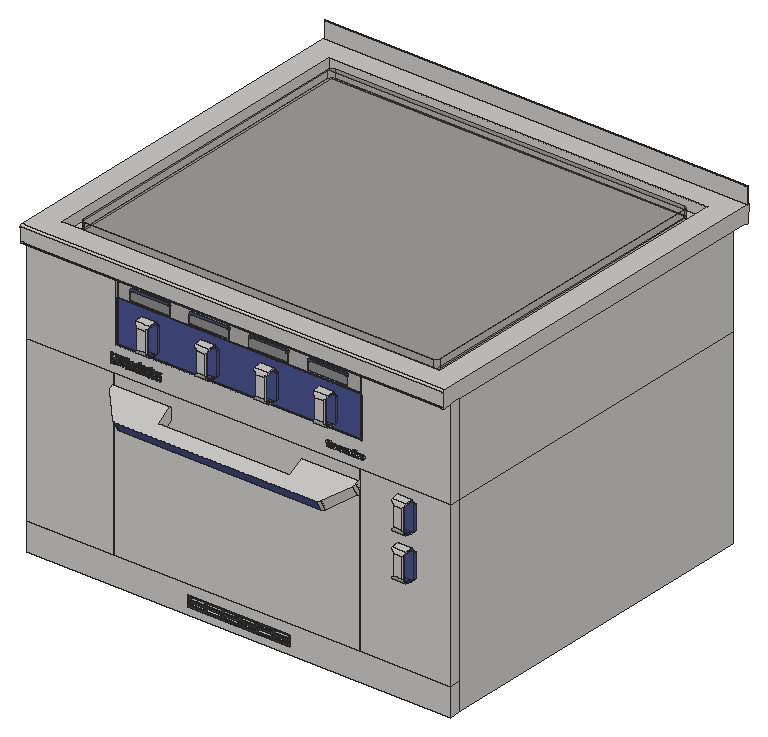
Revit family "QF_ELECTROLUXPROFESSIONAL_589666_MCIMEBJ8AO", category Attrezzature speciali, Revit 2020 (continued)
Definition of nested family "Front_Panel_W1000_4 Knobs"
  Definition of nested family "ELX_Professional_Logo_Small"
    Forms (mm)
      Extrusion 2, solid, material <- "Material_Logo"
        sketch origin (15.5, 0, 0) x (1, 0, 0) y (0, 1, 0)
          loop
            spline (-32.6, 1.606) -> (-32.553, 0.805) -> (-32.416, 0.057) -> (-32.193, -0.637) -> (-31.887, -1.271) -> (-31.504, -1.843) -> (-31.048, -2.35) -> (-30.523, -2.788) -> (-29.934, -3.154) -> (-29.284, -3.444) -> (-28.579, -3.656) -> (-27.822, -3.785) -> (-27.019, -3.829)
            spline (-27.019, -3.829) -> (-26.627, -3.82) -> (-26.239, -3.79) -> (-25.856, -3.739) -> (-25.477, -3.663) -> (-25.103, -3.562) -> (-24.734, -3.432) -> (-24.369, -3.273) -> (-24.01, -3.082) -> (-23.655, -2.858) -> (-23.305, -2.597) -> (-22.96, -2.299) -> (-22.621, -1.962)
            line (-22.621, -1.962) -> (-24.114, -0.509)
            spline (-24.114, -0.509) -> (-24.311, -0.699) -> (-24.509, -0.872) -> (-24.71, -1.03) -> (-24.915, -1.172) -> (-25.126, -1.297) -> (-25.346, -1.407) -> (-25.576, -1.5) -> (-25.817, -1.576) -> (-26.072, -1.636) -> (-26.342, -1.678) -> (-26.629, -1.704) -> (-26.936, -1.713)
            spline (-26.936, -1.713) -> (-27.384, -1.691) -> (-27.805, -1.625) -> (-28.196, -1.518) -> (-28.556, -1.372) -> (-28.882, -1.187) -> (-29.174, -0.966) -> (-29.429, -0.71) -> (-29.645, -0.422) -> (-29.821, -0.102) -> (-29.955, 0.247) -> (-30.045, 0.623) -> (-30.089, 1.026)
            line (-30.089, 1.026) -> (-21.956, 1.026) -> (-21.915, 1.897)
          loop
            spline (-24.446, 2.769) -> (-24.47, 3.075) -> (-24.54, 3.37) -> (-24.654, 3.65) -> (-24.807, 3.913) -> (-24.996, 4.156) -> (-25.219, 4.376) -> (-25.472, 4.57) -> (-25.753, 4.736) -> (-26.057, 4.869) -> (-26.382, 4.968) -> (-26.724, 5.03) -> (-27.081, 5.051)
            spline (-27.081, 5.051) -> (-27.464, 5.03) -> (-27.832, 4.97) -> (-28.183, 4.872) -> (-28.513, 4.74) -> (-28.819, 4.577) -> (-29.099, 4.384) -> (-29.347, 4.165) -> (-29.563, 3.923) -> (-29.742, 3.659) -> (-29.881, 3.377) -> (-29.977, 3.079) -> (-30.027, 2.769)
            line (-30.027, 2.769) -> (-24.446, 2.769)
          loop
            spline (-18.167, 1.669) -> (-18.138, 2.13) -> (-18.055, 2.567) -> (-17.921, 2.978) -> (-17.739, 3.358) -> (-17.512, 3.705) -> (-17.243, 4.016) -> (-16.937, 4.287) -> (-16.596, 4.517) -> (-16.223, 4.7) -> (-15.823, 4.835) -> (-15.398, 4.919) -> (-14.951, 4.947)
            spline (-14.951, 4.947) -> (-14.677, 4.938) -> (-14.414, 4.913) -> (-14.162, 4.871) -> (-13.921, 4.812) -> (-13.69, 4.738) -> (-13.467, 4.649) -> (-13.254, 4.544) -> (-13.048, 4.424) -> (-12.85, 4.291) -> (-12.659, 4.143) -> (-12.474, 3.981) -> (-12.295, 3.806)
            line (-12.295, 3.806) -> (-10.76, 5.403)
            spline (-10.76, 5.403) -> (-11.065, 5.709) -> (-11.38, 5.984) -> (-11.703, 6.228) -> (-12.035, 6.443) -> (-12.375, 6.63) -> (-12.723, 6.788) -> (-13.078, 6.92) -> (-13.44, 7.026) -> (-13.809, 7.107) -> (-14.184, 7.164) -> (-14.564, 7.198) -> (-14.951, 7.209)
            spline (-14.951, 7.209) -> (-15.725, 7.161) -> (-16.467, 7.02) -> (-17.169, 6.792) -> (-17.826, 6.482) -> (-18.43, 6.096) -> (-18.976, 5.637) -> (-19.455, 5.112) -> (-19.862, 4.525) -> (-20.19, 3.882) -> (-20.433, 3.189) -> (-20.584, 2.449) -> (-20.635, 1.669)
            spline (-20.635, 1.669) -> (-20.584, 0.889) -> (-20.433, 0.149) -> (-20.19, -0.545) -> (-19.862, -1.187) -> (-19.455, -1.774) -> (-18.976, -2.299) -> (-18.43, -2.758) -> (-17.826, -3.145) -> (-17.169, -3.454) -> (-16.467, -3.682) -> (-15.725, -3.823) -> (-14.951, -3.871)
            spline (-14.951, -3.871) -> (-14.564, -3.86) -> (-14.184, -3.826) -> (-13.809, -3.77) -> (-13.44, -3.689) -> (-13.078, -3.583) -> (-12.723, -3.451) -> (-12.375, -3.292) -> (-12.035, -3.105) -> (-11.703, -2.89) -> (-11.38, -2.646) -> (-11.065, -2.371) -> (-10.76, -2.066)
            line (-10.76, -2.066) -> (-12.295, -0.468)
            spline (-12.295, -0.468) -> (-12.474, -0.643) -> (-12.659, -0.805) -> (-12.85, -0.953) -> (-13.048, -1.087) -> (-13.254, -1.206) -> (-13.467, -1.311) -> (-13.69, -1.4) -> (-13.921, -1.475) -> (-14.162, -1.533) -> (-14.414, -1.575) -> (-14.677, -1.6) -> (-14.951, -1.609)
            spline (-14.951, -1.609) -> (-15.398, -1.581) -> (-15.823, -1.497) -> (-16.223, -1.362) -> (-16.596, -1.179) -> (-16.937, -0.95) -> (-17.243, -0.678) -> (-17.512, -0.367) -> (-17.739, -0.02) -> (-17.921, 0.36) -> (-18.055, 0.771) -> (-18.138, 1.208) -> (-18.167, 1.669)
          loop
            spline (-4.441, -1.243) -> (-4.659, -1.247) -> (-4.894, -1.23) -> (-5.137, -1.19) -> (-5.384, -1.121) -> (-5.628, -1.021) -> (-5.864, -0.884) -> (-6.084, -0.708) -> (-6.283, -0.488) -> (-6.454, -0.219) -> (-6.592, 0.101) -> (-6.69, 0.478) -> (-6.742, 0.914)
            line (-6.742, 0.914) -> (-6.742, 4.587) -> (-4.487, 4.587) -> (-4.487, 6.838) -> (-6.738, 6.838) -> (-6.738, 10.824) -> (-9.217, 10.824) -> (-9.217, 0.773)
            spline (-9.217, 0.773) -> (-9.164, 0.19) -> (-9.068, -0.358) -> (-8.928, -0.87) -> (-8.742, -1.343) -> (-8.511, -1.777) -> (-8.232, -2.168) -> (-7.904, -2.515) -> (-7.527, -2.816) -> (-7.098, -3.069) -> (-6.618, -3.273) -> (-6.084, -3.426) -> (-5.496, -3.525)
            line (-5.496, -3.525) -> (-4.45, -3.573) -> (-4.441, -1.243)
          loop
            spline (3.898, 6.983) -> (3.469, 7.009) -> (3.056, 7.001) -> (2.661, 6.961) -> (2.283, 6.888) -> (1.925, 6.785) -> (1.588, 6.652) -> (1.272, 6.49) -> (0.979, 6.301) -> (0.71, 6.085) -> (0.465, 5.844) -> (0.247, 5.578) -> (0.056, 5.289)
            line (0.056, 5.289) -> (0.056, 6.838) -> (-2.402, 6.838) -> (-2.402, -3.572) -> (0.056, -3.572) -> (0.056, 1.901)
            spline (0.056, 1.901) -> (0.079, 2.316) -> (0.145, 2.703) -> (0.254, 3.06) -> (0.404, 3.386) -> (0.592, 3.679) -> (0.818, 3.938) -> (1.08, 4.162) -> (1.375, 4.348) -> (1.703, 4.495) -> (2.062, 4.602) -> (2.45, 4.668) -> (2.865, 4.69)
            line (2.865, 4.69) -> (3.898, 4.586) -> (3.898, 6.983)
          loop
            spline (15.638, 1.633) -> (15.586, 2.396) -> (15.435, 3.124) -> (15.192, 3.81) -> (14.863, 4.449) -> (14.455, 5.034) -> (13.975, 5.56) -> (13.43, 6.021) -> (12.826, 6.411) -> (12.17, 6.724) -> (11.469, 6.955) -> (10.729, 7.098) -> (9.958, 7.147)
            spline (9.958, 7.147) -> (9.182, 7.098) -> (8.44, 6.955) -> (7.737, 6.724) -> (7.081, 6.411) -> (6.477, 6.021) -> (5.933, 5.56) -> (5.454, 5.034) -> (5.048, 4.449) -> (4.721, 3.81) -> (4.479, 3.124) -> (4.329, 2.396) -> (4.277, 1.633)
            spline (4.277, 1.633) -> (4.329, 0.869) -> (4.479, 0.141) -> (4.721, -0.544) -> (5.048, -1.183) -> (5.454, -1.768) -> (5.933, -2.294) -> (6.477, -2.755) -> (7.081, -3.145) -> (7.737, -3.459) -> (8.44, -3.69) -> (9.182, -3.833) -> (9.958, -3.882)
            spline (9.958, -3.882) -> (10.729, -3.833) -> (11.469, -3.69) -> (12.17, -3.459) -> (12.826, -3.145) -> (13.43, -2.755) -> (13.975, -2.294) -> (14.455, -1.768) -> (14.863, -1.183) -> (15.192, -0.544) -> (15.435, 0.141) -> (15.586, 0.869) -> (15.638, 1.633)
          loop
            spline (13.18, 1.633) -> (13.151, 2.083) -> (13.067, 2.513) -> (12.932, 2.918) -> (12.748, 3.296) -> (12.52, 3.642) -> (12.251, 3.954) -> (11.943, 4.227) -> (11.601, 4.459) -> (11.228, 4.645) -> (10.828, 4.782) -> (10.403, 4.867) -> (9.958, 4.896)
            spline (9.958, 4.896) -> (9.509, 4.867) -> (9.081, 4.782) -> (8.679, 4.645) -> (8.306, 4.459) -> (7.964, 4.227) -> (7.658, 3.954) -> (7.39, 3.642) -> (7.163, 3.296) -> (6.981, 2.918) -> (6.847, 2.513) -> (6.765, 2.083) -> (6.736, 1.633)
            spline (6.736, 1.633) -> (6.765, 1.182) -> (6.847, 0.753) -> (6.981, 0.347) -> (7.163, -0.031) -> (7.39, -0.377) -> (7.658, -0.689) -> (7.964, -0.962) -> (8.306, -1.193) -> (8.679, -1.38) -> (9.081, -1.517) -> (9.509, -1.602) -> (9.958, -1.631)
            spline (9.958, -1.631) -> (10.403, -1.602) -> (10.828, -1.517) -> (11.228, -1.38) -> (11.601, -1.193) -> (11.943, -0.962) -> (12.251, -0.689) -> (12.52, -0.377) -> (12.748, -0.031) -> (12.932, 0.347) -> (13.067, 0.753) -> (13.151, 1.182) -> (13.18, 1.633)
          loop
            line (17.162, 4.269) -> (17.162, -3.573) -> (19.642, -3.573) -> (19.642, 10.824) -> (17.162, 10.824) -> (17.162, 4.269)
          loop
            line (28.581, 6.838) -> (28.581, 0.786)
            spline (28.581, 0.786) -> (28.561, 0.393) -> (28.503, 0.038) -> (28.409, -0.279) -> (28.281, -0.559) -> (28.122, -0.802) -> (27.933, -1.011) -> (27.717, -1.185) -> (27.476, -1.325) -> (27.213, -1.433) -> (26.929, -1.509) -> (26.626, -1.554) -> (26.308, -1.569)
            spline (26.308, -1.569) -> (25.99, -1.554) -> (25.688, -1.509) -> (25.404, -1.434) -> (25.141, -1.326) -> (24.9, -1.187) -> (24.684, -1.014) -> (24.496, -0.807) -> (24.336, -0.565) -> (24.209, -0.288) -> (24.115, 0.026) -> (24.057, 0.376) -> (24.037, 0.765)
            line (24.037, 0.765) -> (24.037, 6.838) -> (21.537, 6.838) -> (21.537, 0.558)
            spline (21.537, 0.558) -> (21.581, -0.153) -> (21.71, -0.8) -> (21.916, -1.384) -> (22.195, -1.904) -> (22.54, -2.362) -> (22.944, -2.757) -> (23.403, -3.09) -> (23.909, -3.362) -> (24.456, -3.572) -> (25.04, -3.722) -> (25.652, -3.811) -> (26.288, -3.841)
            spline (26.288, -3.841) -> (26.929, -3.811) -> (27.547, -3.72) -> (28.135, -3.568) -> (28.687, -3.355) -> (29.197, -3.079) -> (29.66, -2.741) -> (30.068, -2.341) -> (30.415, -1.877) -> (30.696, -1.349) -> (30.905, -0.757) -> (31.034, -0.101) -> (31.079, 0.621)
            line (31.079, 0.621) -> (31.079, 6.838) -> (28.581, 6.838)
          loop
            line (40.457, -0.243) -> (38.894, 1.942) -> (40.83, 4.579) -> (42.488, 6.837) -> (39.782, 6.837) -> (37.53, 3.719) -> (35.258, 6.837) -> (32.573, 6.837) -> (34.113, 4.731) -> (36.167, 1.922) -> (34.014, -1.076) -> (32.222, -3.573) -> (34.887, -3.573) -> (37.53, 0.104) -> (40.174, -3.573) -> (42.839, -3.573) -> (40.457, -0.243)
          loop
            line (-46.121, -5.837) -> (-48.039, -5.837) -> (-48.039, -10.814) -> (-47.016, -10.814) -> (-47.016, -9.128) -> (-46.121, -9.128)
            arc (-46.121, -9.128) -> (-44.476, -7.482) -> (-46.121, -5.837) r 1.645
          loop
            line (-46.163, -6.778) -> (-47.016, -6.778) -> (-47.016, -8.187) -> (-46.163, -8.187)
            arc (-46.163, -8.187) -> (-45.458, -7.482) -> (-46.163, -6.778) r 0.704
          loop
            line (-38.313, -5.837) -> (-40.265, -5.837) -> (-40.265, -10.814) -> (-39.241, -10.814) -> (-39.241, -9.1) -> (-38.46, -9.182) -> (-37.48, -10.814) -> (-36.318, -10.814) -> (-37.513, -8.848)
            arc (-37.513, -8.848) -> (-36.888, -8.266) -> (-36.671, -7.441) r 1.536
            arc (-36.671, -7.441) -> (-37.165, -6.305) -> (-38.313, -5.837) r 1.643
          loop
            arc (-38.402, -8.166) -> (-37.707, -7.505) -> (-38.334, -6.778) r 0.696
            line (-38.334, -6.778) -> (-39.241, -6.778) -> (-39.241, -8.166) -> (-38.402, -8.166)
          loop
            circle (-29.965, -8.325) r 2.585
          loop
            circle (-29.965, -8.325) r 1.64
          loop
            line (-23.1, -5.837) -> (-23.1, -10.814) -> (-22.076, -10.814) -> (-22.076, -8.768) -> (-20.204, -8.768) -> (-20.204, -7.828) -> (-22.076, -7.828) -> (-22.076, -6.778) -> (-20.024, -6.778) -> (-20.024, -5.837) -> (-23.1, -5.837)
          loop
            line (-15.802, -5.837) -> (-15.802, -9.2)
            arc (-15.802, -9.2) -> (-15.343, -10.34) -> (-14.209, -10.814) r 1.593
            line (-14.209, -10.814) -> (-12.602, -10.814) -> (-12.602, -10.027) -> (-14.004, -10.027)
            arc (-14.004, -10.027) -> (-14.552, -9.8) -> (-14.779, -9.252) r 0.775
            line (-14.779, -9.252) -> (-14.779, -8.424) -> (-12.789, -8.424) -> (-12.789, -7.642) -> (-14.779, -7.642) -> (-14.779, -6.778) -> (-12.651, -6.778) -> (-12.651, -5.837) -> (-15.802, -5.837)
          loop
            line (-5.909, -7.143) -> (-5.173, -6.638)
            arc (-5.173, -6.638) -> (-5.855, -5.974) -> (-6.781, -5.755) r 1.782
            arc (-6.781, -5.755) -> (-7.397, -5.878) -> (-7.944, -6.189) r 1.974
            arc (-7.944, -6.189) -> (-8.202, -6.5) -> (-8.317, -6.888) r 1.013
            arc (-8.317, -6.888) -> (-8.306, -7.341) -> (-8.192, -7.78) r 1.985
            arc (-8.192, -7.78) -> (-7.749, -8.259) -> (-7.171, -8.563) r 1.928
            arc (-7.171, -8.563) -> (-6.637, -8.779) -> (-6.131, -9.056) r 5.041
            arc (-6.131, -9.056) -> (-5.934, -9.387) -> (-6.09, -9.74) r 0.42
            arc (-6.09, -9.74) -> (-6.631, -9.96) -> (-7.204, -9.845) r 1.016
            arc (-7.204, -9.845) -> (-7.625, -9.603) -> (-7.889, -9.196) r 1.033
            line (-7.889, -9.196) -> (-8.67, -9.686)
            arc (-8.67, -9.686) -> (-8.361, -10.198) -> (-7.908, -10.589) r 1.914
            arc (-7.908, -10.589) -> (-7.334, -10.834) -> (-6.714, -10.896) r 2.063
            arc (-6.714, -10.896) -> (-5.947, -10.743) -> (-5.256, -10.376) r 2.696
            arc (-5.256, -10.376) -> (-4.95, -9.565) -> (-5.108, -8.712) r 1.618
            arc (-5.108, -8.712) -> (-5.448, -8.319) -> (-5.884, -8.035) r 1.876
            arc (-5.884, -8.035) -> (-6.434, -7.789) -> (-6.999, -7.577) r 9.883
            arc (-6.999, -7.577) -> (-7.325, -7.07) -> (-6.854, -6.694) r 0.45
            arc (-6.854, -6.694) -> (-6.329, -6.809) -> (-5.909, -7.143) r 1.197
          loop
            line (1.61, -7.143) -> (2.345, -6.638)
            arc (2.345, -6.638) -> (1.663, -5.974) -> (0.737, -5.755) r 1.782
            arc (0.737, -5.755) -> (0.121, -5.878) -> (-0.425, -6.189) r 1.974
            arc (-0.425, -6.189) -> (-0.683, -6.5) -> (-0.799, -6.888) r 1.013
            arc (-0.799, -6.888) -> (-0.788, -7.341) -> (-0.674, -7.78) r 1.985
            arc (-0.674, -7.78) -> (-0.231, -8.259) -> (0.347, -8.563) r 1.928
            arc (0.347, -8.563) -> (0.881, -8.779) -> (1.387, -9.056) r 5.041
            arc (1.387, -9.056) -> (1.584, -9.387) -> (1.428, -9.74) r 0.42
            arc (1.428, -9.74) -> (0.887, -9.96) -> (0.314, -9.845) r 1.016
            arc (0.314, -9.845) -> (-0.107, -9.603) -> (-0.371, -9.196) r 1.033
            line (-0.371, -9.196) -> (-1.152, -9.686)
            arc (-1.152, -9.686) -> (-0.842, -10.198) -> (-0.39, -10.589) r 1.914
            arc (-0.39, -10.589) -> (0.184, -10.834) -> (0.804, -10.896) r 2.063
            arc (0.804, -10.896) -> (1.572, -10.743) -> (2.263, -10.376) r 2.696
            arc (2.263, -10.376) -> (2.568, -9.565) -> (2.411, -8.712) r 1.618
            arc (2.411, -8.712) -> (2.07, -8.319) -> (1.635, -8.035) r 1.876
            arc (1.635, -8.035) -> (1.084, -7.789) -> (0.519, -7.577) r 9.883
            arc (0.519, -7.577) -> (0.193, -7.07) -> (0.665, -6.694) r 0.45
            arc (0.665, -6.694) -> (1.189, -6.809) -> (1.61, -7.143) r 1.197
          loop
            line (6.801, -5.837) -> (6.801, -10.814) -> (7.825, -10.814) -> (7.825, -5.837) -> (6.801, -5.837)
          loop
            circle (14.724, -8.325) r 1.548
          loop
            circle (14.724, -8.325) r 2.585
          loop
            line (21.59, -10.814) -> (22.623, -10.814) -> (22.623, -7.685) -> (24.9, -10.814) -> (25.895, -10.814) -> (25.895, -5.837) -> (24.861, -5.837) -> (24.861, -9.061) -> (22.585, -5.837) -> (21.59, -5.837) -> (21.59, -10.814)
          loop
            line (31.054, -10.814) -> (31.539, -9.74) -> (33.38, -9.74) -> (33.865, -10.814) -> (34.965, -10.814) -> (32.46, -5.837) -> (29.956, -10.814) -> (31.054, -10.814)
          loop
            line (32.46, -7.698) -> (31.999, -8.719) -> (32.921, -8.719) -> (32.46, -7.698)
          loop
            line (40.047, -9.873) -> (40.047, -5.837) -> (39.024, -5.837) -> (39.024, -10.814) -> (41.961, -10.814) -> (41.961, -9.873) -> (40.047, -9.873)
          loop
            line (-74.986, -10.814) -> (-53.322, -10.814) -> (-53.322, 10.82) -> (-74.986, 10.82) -> (-74.986, -10.814)
          loop
            line (-61.261, 9.758) -> (-61.261, -9.707)
            arc (-61.261, -9.707) -> (-54.066, 0.025) -> (-61.261, 9.758) r 10.18
          loop
            line (-62.251, 8.349) -> (-62.251, 9.758)
            arc (-62.251, 9.758) -> (-70.347, 7.918) -> (-74.247, 0.59) r 9.976
            line (-74.247, 0.59) -> (-71.026, 0.59)
            arc (-71.026, 0.59) -> (-65.274, 2.925) -> (-62.251, 8.349) r 9.351
          loop
            arc (-74.247, -0.539) -> (-70.353, -7.928) -> (-62.251, -9.957) r 10.237
            line (-62.251, -9.957) -> (-62.251, -8.298)
            arc (-62.251, -8.298) -> (-65.274, -2.874) -> (-71.026, -0.539) r 9.351
            line (-71.026, -0.539) -> (-74.247, -0.539)
        from 0 to 1.644
    Dimensions and locks
      aligned and locked: plane 2 to Extrusion 1
      aligned and locked: level to Extrusion 1
